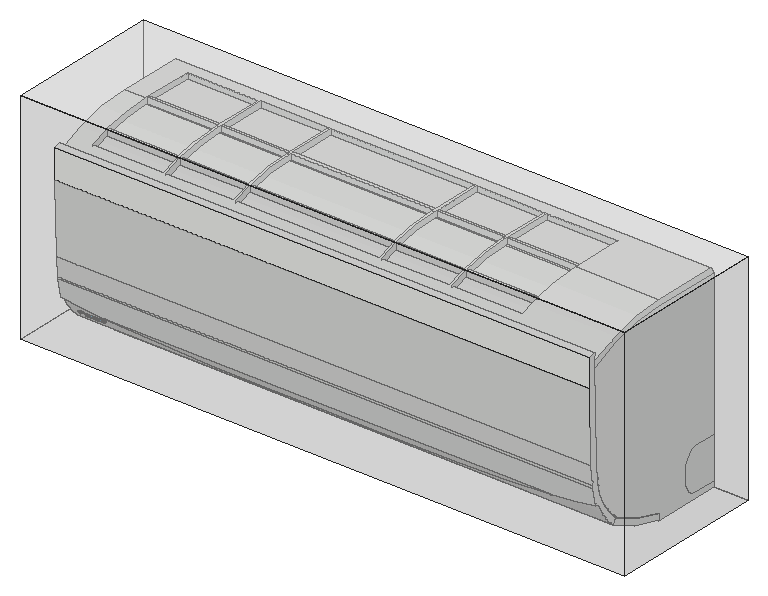
Revit family "outputfile", category 機械設備, Revit 2024
Family settings
  丸型コネクタ寸法 = 半径を使用
  パーツ タイプ = 標準
  OmniClass 番号 = 23.75.10.24.21.27.27
  OmniClass タイトル = Split System Air Conditioning Units
  作業面ベース = いいえ
  常に垂直 = はい
  ロード時にボイドで切り取り = いいえ
  注釈の向きを維持 = いいえ
  共有 = いいえ
  部屋計算ポイント = いいえ
Parameters (values of type "CTKC25RVM")
  Description = ""
  書き出し IFC クラス(タイプ) = "IfcUnitaryEquipmentType"
  定義済み IFC タイプ(タイプ) = "AIRCONDITIONINGUNIT"
  Cost = 0
  Type Comments = ""
  Keynote = ""
  Type Image = (empty or 0)
  Assembly Code = ""
  w_wall hole = if(Width = 770.0 mm, 48.0 mm, 60.0 mm)  # 48.0 mm
  製造元 = "Daikin"
  モデル = "CTKC25RVM"
  switch_frequency = yes
  r_Liquid Pipe Size = Liquid Pipe Size / 2  # 3.2 mm
  r_Gas Pipe Size = Gas Pipe Size / 2  # 4.75 mm
  r_Drain Pipe Size = Drain Pipe Size / 2  # 8.0 mm
  lw_powersupply [instance] = if(Width = 770.0 mm, if(or(Rear Right Connection_refrigerant, Bottom Right Connection_refrigerant), 25.0 mm, if(or(Rear Left Connection_refrigerant, Bottom Left Connection_refrigerant), 745.0 mm, 400.0 mm)), if(Width = 990.0 mm, if(or(Rear Right Connection_refrigerant, Bottom Right Connection_refrigerant), 40.0 mm, if(or(Rear Left Connection_refrigerant, Bottom Left Connection_refrigerant), 920.0 mm, 400.0 mm)), if(or(Rear Right Connection_refrigerant, Bottom Right Connection_refrigerant), 40.0 mm, if(or(Rear Left Connection_refrigerant, Bottom Left Connection_refrigerant), 920.0 mm, 400.0 mm))))  # 400.0 mm
  lw_liquidpipe [instance] = if(Width = 770.0 mm, if(or(Rear Right Connection_refrigerant, Bottom Right Connection_refrigerant), 0.0 mm, if(or(Rear Left Connection_refrigerant, Bottom Left Connection_refrigerant), 664.0 mm, 385.0 mm)), if(Width = 990.0 mm, if(or(Rear Right Connection_refrigerant, Bottom Right Connection_refrigerant), 0.0 mm, if(or(Rear Left Connection_refrigerant, Bottom Left Connection_refrigerant), 664.0 mm + (990.0 mm - 770.0 mm), 475.0 mm)), if(or(Rear Right Connection_refrigerant, Bottom Right Connection_refrigerant), 0.0 mm, if(or(Rear Left Connection_refrigerant, Bottom Left Connection_refrigerant), 664.0 mm + (990.0 mm - 770.0 mm), 475.0 mm))))  # 385.0 mm
  lw_gaspipe [instance] = if(Width = 770.0 mm, if(or(Rear Right Connection_refrigerant, Bottom Right Connection_refrigerant), 0.0 mm, if(or(Rear Left Connection_refrigerant, Bottom Left Connection_refrigerant), 675.0 mm, if(Gas Pipe Size = 12.7 mm, 345.0 mm, 335.0 mm))), if(Width = 990.0 mm, if(or(Rear Right Connection_refrigerant, Bottom Right Connection_refrigerant), 10.0 mm, if(or(Rear Left Connection_refrigerant, Bottom Left Connection_refrigerant), 890.0 mm, if(Gas Pipe Size = 15.9 mm, 410.0 mm, 400.0 mm))), if(or(Rear Right Connection_refrigerant, Bottom Right Connection_refrigerant), 10.0 mm, if(or(Rear Left Connection_refrigerant, Bottom Left Connection_refrigerant), 890.0 mm, if(Gas Pipe Size = 15.9 mm, 410.0 mm, 400.0 mm)))))  # 335.0 mm
  lw_drainpipe [instance] = if(Width = 770.0 mm, if(or(Rear Right Connection_refrigerant, Bottom Right Connection_refrigerant), 0.0 mm, if(or(Rear Left Connection_refrigerant, Bottom Left Connection_refrigerant), 770.0 mm - 48.0 mm - 48.0 mm, 440.0 mm)), if(Width = 990.0 mm, if(or(Rear Right Connection_refrigerant, Bottom Right Connection_refrigerant), 0.0 mm, if(or(Rear Left Connection_refrigerant, Bottom Left Connection_refrigerant), 675.0 mm + (990.0 mm - 770.0 mm), 435.0 mm)), if(or(Rear Right Connection_refrigerant, Bottom Right Connection_refrigerant), 0.0 mm, if(or(Rear Left Connection_refrigerant, Bottom Left Connection_refrigerant), 675.0 mm + (990.0 mm - 770.0 mm), 435.0 mm))))  # 440.0 mm
  l_powersupply_length [instance] = if(Width = 770.0 mm, if(Right Connection_refrigerant, 400.0 mm, if(Left Connection_refrigerant, 770.0 mm - 400.0 mm, if(or(Rear Left Connection_refrigerant, Rear Right Connection_refrigerant), 15.0 mm, 50.0 mm))), if(Width = 990.0 mm, if(Right Connection_refrigerant, 400.0 mm, if(Left Connection_refrigerant, 990.0 mm - 400.0 mm, if(or(Rear Left Connection_refrigerant, Rear Right Connection_refrigerant), 15.0 mm, 50.0 mm))), if(Right Connection_refrigerant, 400.0 mm, if(Left Connection_refrigerant, 990.0 mm - 400.0 mm, if(or(Rear Left Connection_refrigerant, Rear Right Connection_refrigerant), 15.0 mm, 50.0 mm)))))  # 400.0 mm
  l_liquidpipe_length [instance] = if(Width = 770.0 mm, if(Right Connection_refrigerant, 433.0 mm, if(Left Connection_refrigerant, 337.0 mm, if(or(Rear Left Connection_refrigerant, Rear Right Connection_refrigerant), 30.0 mm, 40.0 mm))), if(Width = 990.0 mm, if(Right Connection_refrigerant, 535.0 mm, if(Left Connection_refrigerant, 455.0 mm, if(or(Rear Left Connection_refrigerant, Rear Right Connection_refrigerant), 30.0 mm, 40.0 mm))), if(Right Connection_refrigerant, 535.0 mm, if(Left Connection_refrigerant, 455.0 mm, if(or(Rear Left Connection_refrigerant, Rear Right Connection_refrigerant), 30.0 mm, 40.0 mm)))))  # 433.0 mm
  l_gaspipe_length [instance] = if(Width = 770.0 mm, if(Right Connection_refrigerant, if(Gas Pipe Size = 12.7 mm, 393.0 mm, 383.0 mm), if(Left Connection_refrigerant, if(Gas Pipe Size = 12.7 mm, 770.0 mm - 393.0 mm, 770.0 mm - 383.0 mm), if(or(Rear Left Connection_refrigerant, Rear Right Connection_refrigerant), 40.0 mm, 50.0 mm))), if(Width = 990.0 mm, if(Right Connection_refrigerant, if(Gas Pipe Size = 15.9 mm, 470.0 mm, 460.0 mm), if(Left Connection_refrigerant, if(Gas Pipe Size = 15.9 mm, 990.0 mm - 470.0 mm, 990.0 mm - 460.0 mm), if(or(Rear Left Connection_refrigerant, Rear Right Connection_refrigerant), 40.0 mm, 50.0 mm))), if(Right Connection_refrigerant, if(Gas Pipe Size = 15.9 mm, 470.0 mm, 460.0 mm), if(Left Connection_refrigerant, if(Gas Pipe Size = 15.9 mm, 990.0 mm - 470.0 mm, 990.0 mm - 460.0 mm), if(or(Rear Left Connection_refrigerant, Rear Right Connection_refrigerant), 40.0 mm, 50.0 mm)))))  # 383.0 mm
  l_drainpipe_length [instance] = if(Width = 770.0 mm, if(Right Connection_refrigerant, 488.0 mm, if(Left Connection_refrigerant, 282.0 mm, if(or(Rear Left Connection_refrigerant, Rear Right Connection_refrigerant), 15.0 mm, 20.0 mm))), if(Width = 990.0 mm, if(Right Connection_refrigerant, 495.0 mm, if(Left Connection_refrigerant, 495.0 mm, if(or(Rear Left Connection_refrigerant, Rear Right Connection_refrigerant), 15.0 mm, 20.0 mm))), if(Right Connection_refrigerant, 495.0 mm, if(Left Connection_refrigerant, 495.0 mm, if(or(Rear Left Connection_refrigerant, Rear Right Connection_refrigerant), 15.0 mm, 20.0 mm)))))  # 488.0 mm
  h*** = 0.0 mm  # constant formula
  connector_voltage = Voltage_50Hz  # 230 V
  connector_powerinput = [Power Input (Cooling)]  # 0.000 kW
  connector_phase = Phase_50Hz  # 1
  angle_vertical [instance] = if(or(Bottom Left Connection_refrigerant, Bottom Right Connection_refrigerant), 0.00°, 90.00°)  # 90.00°
  angle_horizontal [instance] = if(Right Connection_refrigerant, 90.00°, if(Left Connection_refrigerant, -90.00°, if(or(Rear Left Connection_refrigerant, Rear Right Connection_refrigerant), 180.00°, 0.00°)))  # 90.00°
  Width = 770.0 mm
  Voltage_comment_50Hz = "220 - 240"
  Voltage_50Hz = 230 V
  Version = "ver.1.0"
  Unit Type = "Wall Mounted"
  Unit Mass Weight = 9.00 kg
  Unit Designation [instance] = ""
  Uniclass2015Version = "Products v1.30"
  Uniclass2015Title = "Split coil room air conditioning units"
  Uniclass2015Code = "Pr_70_65_03_86"
  URL = ""
  Total Cooling Capacity [instance] = 0.000 kW
  Sound Pressure Level_M speed (dBA) = 0
  Sound Pressure Level_L speed (dBA) = 22
  Sound Pressure Level_H speed (dBA) = 38
  Sound Power Level_H speed (dB) = 0
  Series = "Multi Split_Fan Coil Unit"
  Sensible Cooling Capacity [instance] = 0.000 kW
  Refrigerant Type = "R32"
  Power Input (Cooling) = 0.000 kW
  Phase_50Hz = 1
  Option Accessory 3 [instance] = ""
  Option Accessory 2 [instance] = ""
  Option Accessory 1 [instance] = ""
  Nominal Cooling Capacity = 2.500 kW
  Minimum Circuit Amps_50Hz = 0.0 A
  Minimum Airflow = 396.00 m³/h
  Median Airflow = 540.00 m³/h
  Maximum Fuse Amps_50Hz = 0.0 A
  Maximum Airflow = 660.00 m³/h
  Material_Casing = DAIKIN_White_Casing_indoorunit
  Load Classification = HVAC
  Liquid Pipe Size = 6.4 mm
  Link_Nested Family [instance] = ""
  IfcVersion = ""
  IfcExportType = "AIRCONDITIONINGUNIT"
  IfcExportAs = "IfcUnitaryEquipmentType"
  Height = 285.0 mm
  Heat Exchanger Type = "Cross Fin Coil"
  Gas Pipe Size = 9.5 mm
  Frequency_50Hz = 50 Hz
  Fan Type = "Cross Flow Fan"
  Fan Drive = "Direct Drive"
  FCU Tag No. [instance] = ""
  Drain Pipe Size = 16.0 mm
  Design Supply Airflow [instance] = 0.00 m³/h
  Depth = 223.0 mm
  既定の高さ = 0.0 mm
  Cooling Entering Wet Bulb Temperature [instance] = 0.00 °C
  Cooling Entering Dry Bulb Temperature [instance] = 0.00 °C
  Cooling Ambient Wet Bulb Temperature [instance] = 0.00 °C
  Cooling Ambient Dry Bulb Temperature [instance] = 0.00 °C
  Clearance visibility [instance] = yes
  Clearance Top = 30.0 mm
  Clearance Right = 50.0 mm
  Clearance Rear = 0.0 mm
  Clearance Left = 50.0 mm
  Clearance Front = 0.0 mm
  Clearance Bottom = 0.0 mm
  Bottom Right Connection_refrigerant [instance] = no
  Bottom Left Connection_refrigerant [instance] = no
  Rear Right Connection_refrigerant [instance] = no
  Rear Left Connection_refrigerant [instance] = no
  Right Connection_refrigerant [instance] = yes
  Left Connection_refrigerant [instance] = no
Reference planes
  plane 1 "Back": y = 0
  plane 2: z = 0
  plane 3 "Center (Left/Right)": x = 0
  plane 4 "Center (Front/Back)": y = -111.5
  plane 5 "Front": y = -223
  plane 6 "Left": x = -385
  plane 7 "Right": x = 385
  plane 8 "Top": z = 0
  plane 9 "Bottom": z = -285
  plane 10: x = -435
  plane 11: x = 435
  plane 12: y = 0
  plane 13: y = -223
  plane 14: z = 30
  plane 15: z = -285
  plane 16 "lw_Piping and Wiring intake": x = 337
  plane 17 "lw_gaspipe": x = 2
  plane 18 "lw_liquidpipe": x = -48
  plane 19 "lw_drainpipe": x = -103
  plane 20 "lh_drainpipe": z = -265
  plane 21 "lh_liquidpipe": z = -245
  plane 22 "lh_gaspipe": z = -235
  plane 23 "ld_drainpipe": y = -15
  plane 24 "ld_liquidpipe": y = -30
  plane 25 "ld_gaspipe": y = -40
  plane 26 "lw_powersupply": x = -15
Dimensions and locks
  equal spacing: plane 6 "Left", plane 3 "Center (Left/Right)", plane 7 "Right"
  "Width": plane 6 "Left" to plane 7 "Right"
  equal spacing: plane 5 "Front", plane 4 "Center (Front/Back)", plane 1 "Back"
  "Depth": plane 5 "Front" to plane 1 "Back"
  "Height": plane 8 "Top" to plane 9 "Bottom"
  "Clearance Rear": plane 12 to plane 1 "Back"
  "Clearance Front": plane 13 to plane 5 "Front"
  "Clearance Top": plane 14 to plane 8 "Top"
  "Clearance Bottom": plane 9 "Bottom" to plane 15
  "w_wall hole": plane 16 "lw_Piping and Wiring intake" to plane 7 "Right"
  "lw_gaspipe": plane 17 "lw_gaspipe" to plane 16 "lw_Piping and Wiring intake"
  "lw_liquidpipe": plane 18 "lw_liquidpipe" to plane 16 "lw_Piping and Wiring intake"
  "lw_drainpipe": plane 19 "lw_drainpipe" to plane 16 "lw_Piping and Wiring intake"
  locked: plane 20 "lh_drainpipe" to plane 9 "Bottom" at 20
  locked: plane 21 "lh_liquidpipe" to plane 9 "Bottom" at 40
  locked: plane 22 "lh_gaspipe" to plane 9 "Bottom" at 50
  locked: plane 23 "ld_drainpipe" to plane 1 "Back" at 15
  locked: plane 1 "Back" to plane 24 "ld_liquidpipe" at 30
  locked: plane 1 "Back" to plane 25 "ld_gaspipe" at 40
  "lw_powersupply": plane 26 "lw_powersupply" to plane 7 "Right"
  "Clearance Right": plane 7 "Right" to plane 11
  "Clearance Left": plane 10 to plane 6 "Left"
  aligned and locked: level to plane 2
  aligned and locked: plane 12 to nested 1
  aligned and locked: nested 1 to plane 13
  aligned and locked: plane 10 to nested 1
  aligned and locked: plane 11 to nested 1
  aligned and locked: plane 15 to nested 1
  aligned and locked: plane 14 to nested 1
  aligned and locked: plane 17 "lw_gaspipe" to nested 2
  aligned and locked: nested 2 to plane 25 "ld_gaspipe"
  aligned and locked: plane 18 "lw_liquidpipe" to nested 3
  aligned and locked: nested 3 to plane 24 "ld_liquidpipe"
  aligned and locked: plane 19 "lw_drainpipe" to nested 4
  aligned and locked: nested 4 to plane 23 "ld_drainpipe"
  aligned and locked: nested 5 to plane 23 "ld_drainpipe"
  aligned and locked: plane 26 "lw_powersupply" to nested 5
  aligned and locked: level to plane 8 "Top"
  aligned and locked: plane 3 "Center (Left/Right)" to nested 6
  aligned and locked: plane 1 "Back" to nested 6
  aligned and locked: plane 8 "Top" to nested 6
Nested families
  nested 1: "daikin_clearancespace" at (0, -111.5, -127.381), show <- "Clearance visibility", visible <- "Clearance visibility", Link_Nested Family <- "Link_Nested Family", type "daikin_clearancespace"
    with width 870.0 mm, show yes, height 315.0 mm, depth 223.0 mm, Link_Nested Family ""
  nested 2: "daikin_connector_rotate3" at (2, -40, -235), angle_vertical <- "angle_vertical", angle_horizontal <- "angle_horizontal", length <- "l_gaspipe_length", radius <- "r_Gas Pipe Size", type "daikin_connector_rotate3"
    with show no, radius 4.75 mm, length 383.0 mm, angle_vertical 90.00°, angle_horizontal 90.00°
  nested 3: "daikin_connector_rotate3" at (-48, -30, -245), angle_vertical <- "angle_vertical", angle_horizontal <- "angle_horizontal", radius <- "r_Liquid Pipe Size", length <- "l_liquidpipe_length", type "daikin_connector_rotate3"
    with show no, radius 3.2 mm, length 433.0 mm, angle_vertical 90.00°, angle_horizontal 90.00°
  nested 4: "daikin_connector_rotate3" at (-103, -15, -265), angle_vertical <- "angle_vertical", angle_horizontal <- "angle_horizontal", length <- "l_drainpipe_length", radius <- "r_Drain Pipe Size", type "daikin_connector_rotate3"
    with show no, radius 8.0 mm, length 488.0 mm, angle_vertical 90.00°, angle_horizontal 90.00°
  nested 5: "daikin_connector_rotate3" at (-15, -15, -235), angle_vertical <- "angle_vertical", angle_horizontal <- "angle_horizontal", length <- "l_powersupply_length", type "daikin_connector_rotate3"
    with show no, radius 10.0 mm, length 400.0 mm, angle_vertical 90.00°, angle_horizontal 90.00°
  nested 6: "DAIKIN_indoorunit_CTKC-RVM" at (-31, 0, 0), type "CTKC-RVM"
Connectors
  piping at (385, -40, -235), diameter 9.5, driven by "r_Gas Pipe Size"
    settings: on nested 2, index 1, connector inside diameter 609.6 mm, connector length 0.0 mm, flow factor 0, pipe flow 0.00 m³/h, pressure drop 0.0 Pa, fitting loss kfactor 0, connector angle 0.00°, fixture units 0, engagement length 0.0 mm, angle of deflection 0.00°, flow configuration 1, flow direction 2, fitting loss method 0, system type 29, joint type 0, gender type 0, connector reference index -1, connector utility 0, adjustable connector no, is connector primary yes, connector description "Refrigerant Gas Piping"
  piping at (385, -30, -245), diameter 6.4, driven by "r_Liquid Pipe Size"
    settings: on nested 3, index 2, connector inside diameter 609.6 mm, connector length 0.0 mm, flow factor 0, pipe flow 0.00 m³/h, pressure drop 0.0 Pa, fitting loss kfactor 0, connector angle 0.00°, fixture units 0, engagement length 0.0 mm, angle of deflection 0.00°, flow configuration 1, flow direction 1, fitting loss method 0, system type 29, joint type 0, gender type 0, connector reference index -1, connector utility 0, adjustable connector no, is connector primary no, connector description "Refrigerant Liquid Piping"
  piping at (385, -15, -265), diameter 16, driven by "r_Drain Pipe Size"
    settings: on nested 4, index 3, connector inside diameter 609.6 mm, connector length 0.0 mm, flow factor 0, pipe flow 0.00 m³/h, pressure drop 0.0 Pa, fitting loss kfactor 0, connector angle 0.00°, fixture units 0, engagement length 0.0 mm, angle of deflection 0.00°, flow configuration 1, flow direction 2, fitting loss method 4, system type 16, joint type 0, gender type 0, connector reference index -1, connector utility 0, adjustable connector no, is connector primary no, connector description "Condensate Drain Piping"
  electrical at (385, -15, -235), driven by "Load Classification", driven by "connector_powerinput", driven by "connector_phase", driven by "connector_voltage"
    settings: on nested 5, index 4, voltage 230 V, apparent load 0 VA, apparent load phase1 0 VA, apparent load phase2 0 VA, apparent load phase3 0 VA, power factor 1, load classification "HVAC", number of poles 1, system type 30, power factor state 1, is connector primary yes, connector utility no, sub classification motor no, connector description "Power Supply"
Definition of nested family "daikin_clearancespace"
  Parameters (values of type "daikin_clearancespace")
    Description = "daikin_clearancespace"
    width [instance] = 1823.963 mm
    show [instance] = yes
    material = none
    height [instance] = 1359.762 mm
    depth [instance] = 880.0 mm
    Default Elevation = 0.0 mm
    Link_Nested Family [instance] = ""
  Reference planes
    plane 1 "Center (Front/Back)": y = 0
    plane 2 "Center (Elevation)": z = -0.119
    plane 3 "Center (Left/Right)": x = 0
    plane 4: y = 440
    plane 5: y = -440
    plane 6 "Right": x = 911.982
    plane 7 "Left": x = -911.982
    plane 8 "Top": z = 679.762
    plane 9 "Bottom": z = -680
  Forms (mm)
    Extrusion 1, solid, material <- "material", visible <- "show"
      sketch origin (0, 0, 0) x (1, 0, 0) y (0, 1, 0)
        loop
          line (-911.982, 440) -> (-911.982, -440) -> (911.982, -440) -> (911.982, 440) -> (-911.982, 440)
      from -680 to 679.762
  Lines and regions (mm)
    symbolic lines, visible <- "show"
      curve 1: line (911.982, 440, 0) -> (-911.982, 440, 0)
      curve 2: line (-911.982, 440, 0) -> (-911.982, -440, 0)
      curve 3: line (-911.982, -440, 0) -> (911.982, -440, 0)
      curve 4: line (911.982, -440, 0) -> (911.982, 440, 0)
      curve 5: line (911.982, 0, 679.762) -> (-911.982, 0, 679.762)
      curve 6: line (911.982, 0, -680) -> (911.982, 0, 679.762)
      curve 7: line (-911.982, 0, -680) -> (911.982, 0, -680)
      curve 8: line (-911.982, 0, 679.762) -> (-911.982, 0, -680)
      curve 9: line (0, 440, 679.762) -> (0, -440, 679.762)
      curve 10: line (0, -440, 679.762) -> (0, -440, -680)
      curve 11: line (0, 440, -680) -> (0, 440, 679.762)
      curve 12: line (0, -440, -680) -> (0, 440, -680)
  Dimensions and locks
    "width": plane 7 "Left" to plane 6 "Right"
    "depth": plane 4 to plane 5
    "height": plane 8 "Top" to plane 9 "Bottom"
    equal spacing: plane 7 "Left", plane 3 "Center (Left/Right)", plane 6 "Right"
    equal spacing: plane 4, plane 1 "Center (Front/Back)", plane 5
    equal spacing: plane 8 "Top", plane 2 "Center (Elevation)", plane 9 "Bottom"
    aligned and locked: level to plane 2 "Center (Elevation)"
    aligned and locked: Extrusion 1 sketch curve to plane 4
    aligned and locked: plane 7 "Left" to Extrusion 1 sketch curve
    aligned and locked: Extrusion 1 sketch curve to plane 5
    aligned and locked: Extrusion 1 sketch curve to plane 6 "Right"
    aligned and locked: plane 8 "Top" to Extrusion 1
    aligned and locked: curve 1 to Extrusion 1
    aligned and locked: curve 2 to Extrusion 1
    aligned and locked: curve 3 to Extrusion 1
    aligned and locked: curve 4 to Extrusion 1
    aligned and locked: curve 5 to Extrusion 1
    aligned and locked: curve 6 to Extrusion 1
    aligned and locked: curve 7 to Extrusion 1
    aligned and locked: curve 8 to Extrusion 1
    aligned and locked: curve 9 to Extrusion 1
    aligned and locked: curve 10 to Extrusion 1
    aligned and locked: curve 11 to Extrusion 1
    aligned and locked: curve 12 to Extrusion 1
    aligned and locked: Extrusion 1 to plane 9 "Bottom"
Definition of nested family "DAIKIN_indoorunit_CTKC-RVM"
  Parameters (values of type "FTKM-QVMA")
    Material_Casing = none
    Default Elevation = 0.0 mm
  Reference planes
    plane 1 "Center (Front/Back)": y = 0
    plane 2 "reference_level": z = 0
    plane 3 "Center (Left/Right)": x = 31
    plane 4: x = -354
    plane 5: x = 416
    plane 6: z = -285
  Forms (mm)
    Extrusion 1, solid, material <- "Material_Casing"
      sketch origin (29, 0, 0) x (0, 1, 0) y (0, 0, 1)
        loop
          line (-5, 0) -> (-98, 0)
          arc (-98, 0) -> (-157.611, -7.211) -> (-213.783, -28.427) r 250
          arc (-213.783, -28.427) -> (-213.842, -32.972) -> (-213.892, -37.516) r 2191
          arc (-213.892, -37.516) -> (-157.832, -15.495) -> (-98.07, -8) r 242
          line (-98.07, -8) -> (0, -8) -> (-5, 0)
      from -383 to 387
    Extrusion 2, solid, material <- "Material_Casing"
      sketch origin (416, 1296.25, 1200) x (0, 1, 0) y (0, 0, 1)
        loop
          line (-1472.998, -1446.91) -> (-1476.998, -1453.839)
          arc (-1476.998, -1453.839) -> (-1437.481, -1472.422) -> (-1395.25, -1483.538) r 240
          line (-1395.25, -1483.538) -> (-1395.25, -1475.422)
          arc (-1395.25, -1475.422) -> (-1435.407, -1464.663) -> (-1472.998, -1446.91) r 232
      from 0 to -47.5
    Extrusion 3, solid, material <- "Material_Casing"
      sketch origin (29, 0, 0) x (0, 1, 0) y (0, 0, 1)
        loop
          arc (-223, -60.455) -> (-222.414, -110.646) -> (-220.656, -160.81) r 2149.92
          arc (-220.656, -160.81) -> (-219.65, -174.299) -> (-217.853, -187.706) r 229.911
          arc (-217.853, -187.706) -> (-205.371, -223.594) -> (-181.517, -253.17) r 111
          line (-181.517, -253.17) -> (-177.429, -246.093)
          arc (-177.429, -246.093) -> (-198.77, -218.989) -> (-209.965, -186.36) r 103
          arc (-209.965, -186.36) -> (-211.681, -173.586) -> (-212.651, -160.735) r 221.844
          arc (-212.651, -160.735) -> (-214.739, -93.233) -> (-214.74, -25.699) r 2186.828
          arc (-214.74, -25.699) -> (-214.671, -21.467) -> (-214.594, -17.235) r 2192
          line (-214.594, -17.235) -> (-223, -19.961) -> (-223, -60.455)
      from -383 to 387
    Extrusion 4, solid, material <- "Material_Casing"
      sketch origin (29, 0, 0) x (0, 1, 0) y (0, 0, 1)
        loop
          line (-181.517, -253.17) -> (-179.597, -249.846)
          arc (-179.597, -249.846) -> (-202.009, -221.399) -> (-213.189, -186.952) r 103
          line (-213.189, -186.952) -> (-217.853, -187.706)
          arc (-217.853, -187.706) -> (-217.533, -189.556) -> (-217.182, -191.4) r 111
          arc (-217.182, -191.4) -> (-213.806, -208.181) -> (-210.362, -224.948) r 4257.809
          arc (-210.362, -224.948) -> (-198.886, -237.857) -> (-186.225, -249.607) r 180
          line (-186.225, -249.607) -> (-181.517, -253.17)
      from -383 to 387
    Extrusion 5, solid, material <- "Material_Casing"
      sketch origin (29, 0, -20) x (0, 1, 0) y (0, 0, 1)
        loop
          line (0, -265) -> (0, 12) -> (-98.07, 12)
          arc (-98.07, 12) -> (-157.832, 4.505) -> (-213.892, -17.516) r 242
          arc (-213.892, -17.516) -> (-213.638, -79.114) -> (-211.653, -140.681) r 2191
          arc (-211.653, -140.681) -> (-210.685, -153.501) -> (-208.973, -166.243) r 221
          arc (-208.973, -166.243) -> (-197.471, -199.282) -> (-175.482, -226.491) r 102
          arc (-175.482, -226.491) -> (-138.004, -244.019) -> (-98, -254.579) r 231
          line (-98, -254.579) -> (-98, -265) -> (0, -265)
      from -383 to 387
    Extrusion 6, solid, material <- "Material_Casing"
      sketch origin (-354, 1296.25, 1200) x (0, 1, 0) y (0, 0, 1)
        loop
          line (-1472.998, -1446.91) -> (-1476.998, -1453.839)
          arc (-1476.998, -1453.839) -> (-1437.481, -1472.422) -> (-1395.25, -1483.538) r 240
          line (-1395.25, -1483.538) -> (-1395.25, -1475.422)
          arc (-1395.25, -1475.422) -> (-1435.407, -1464.663) -> (-1472.998, -1446.91) r 232
      from 47 to 0
    Extrusion 7, solid, material <- "Material_Casing"
      sketch origin (416, 1296.25, 1200) x (0, 1, 0) y (0, 0, 1)
        loop
          line (-1472.998, -1446.91) -> (-1476.998, -1453.839)
          arc (-1476.998, -1453.839) -> (-1443.437, -1470.168) -> (-1407.75, -1481.097) r 240
          line (-1407.75, -1481.097) -> (-1407.75, -1472.894)
          arc (-1407.75, -1472.894) -> (-1441.363, -1462.385) -> (-1472.998, -1446.91) r 232
      from -116.993 to -48.493
    Extrusion 8, solid, material <- "Material_Casing"
      sketch origin (416, 1296.25, 1200) x (0, 1, 0) y (0, 0, 1)
        loop
          line (-1472.998, -1446.91) -> (-1476.998, -1453.839)
          arc (-1476.998, -1453.839) -> (-1443.437, -1470.168) -> (-1407.75, -1481.097) r 240
          line (-1407.75, -1481.097) -> (-1407.75, -1472.894)
          arc (-1407.75, -1472.894) -> (-1441.363, -1462.385) -> (-1472.998, -1446.91) r 232
      from -717 to -121.993
    Extrusion 9, void
      sketch origin (31, 0, -235) x (1, 0, 0) y (0, 1, 0)
        loop
          line (-252.674, -22.316) -> (-354.941, -22.316) -> (-354.941, -91.341) -> (-252.674, -91.341) -> (-252.674, -22.316)
        loop
          line (-249.341, -91.341) -> (-151.574, -91.341) -> (-151.574, -22.316) -> (-249.341, -22.316) -> (-249.341, -91.341)
        loop
          line (58.309, -22.316) -> (-148.309, -22.316) -> (-148.309, -91.341) -> (58.309, -91.341) -> (58.309, -22.316)
        loop
          line (61.689, -22.316) -> (61.689, -91.341) -> (159.457, -91.341) -> (159.457, -22.316) -> (61.689, -22.316)
        loop
          line (162.789, -22.316) -> (162.789, -91.341) -> (265.057, -91.341) -> (265.057, -22.316) -> (162.789, -22.316)
        loop
          line (-354.941, -94.659) -> (-354.941, -165.259) -> (-252.674, -165.259) -> (-252.674, -94.659) -> (-354.941, -94.659)
        loop
          line (-249.341, -94.659) -> (-249.341, -165.259) -> (-151.574, -165.259) -> (-151.574, -94.659) -> (-249.341, -94.659)
        loop
          line (-148.309, -94.659) -> (-148.309, -165.259) -> (58.309, -165.259) -> (58.309, -94.659) -> (-148.309, -94.659)
        loop
          line (61.689, -94.659) -> (61.689, -165.259) -> (159.457, -165.259) -> (159.457, -94.659) -> (61.689, -94.659)
        loop
          line (162.789, -94.659) -> (162.789, -165.259) -> (265.057, -165.259) -> (265.057, -94.659) -> (162.789, -94.659)
        loop
          line (-354.941, -167.382) -> (-354.941, -192.681) -> (-252.674, -192.681) -> (-252.674, -167.382) -> (-354.941, -167.382)
        loop
          line (-249.341, -167.382) -> (-249.341, -192.681) -> (-151.574, -192.681) -> (-151.574, -167.382) -> (-249.341, -167.382)
        loop
          line (-148.309, -167.382) -> (-148.309, -192.681) -> (58.309, -192.681) -> (58.309, -167.382) -> (-148.309, -167.382)
        loop
          line (159.457, -167.382) -> (61.689, -167.382) -> (61.689, -192.681) -> (159.457, -192.681) -> (159.457, -167.382)
        loop
          line (265.057, -167.382) -> (162.789, -167.382) -> (162.789, -192.681) -> (265.057, -192.681) -> (265.057, -167.382)
      from 201.638 to 250
    Extrusion 10, void
      sketch origin (31, 0, 0) x (1, 0, 0) y (0, 0, 1)
        loop
          arc (597, -174.907) -> (0.056, -245.263) -> (-597, -175.856) r 2585.042
          line (-597, -175.856) -> (-597, -352.872) -> (597, -352.872) -> (597, -174.907)
      from 173 to 315.3
    Extrusion 11, solid, material <- "Material_Casing"
      sketch origin (31, 0, 0) x (1, 0, 0) y (0, 0, 1)
        loop
          circle (337, -240.5) r 32.5
        loop
          circle (-337, -240.5) r 32.5
      from 0 to 5
    Extrusion 12, solid, material <- "Material_Casing"
      sketch origin (416, 1296.25, 1200) x (0, -1, 0) y (0, 0, 1)
        loop
          line (1326.25, -1417) -> (1296.25, -1417) -> (1296.25, -1477) -> (1326.25, -1477)
          arc (1326.25, -1477) -> (1340.393, -1471.142) -> (1346.25, -1457) r 20
          line (1346.25, -1457) -> (1346.25, -1437)
          arc (1346.25, -1437) -> (1340.393, -1422.858) -> (1326.25, -1417) r 20
      from 0 to 5
    Extrusion 13, solid, material <- "Material_Casing"
      sketch origin (-354, 1296.25, 1200) x (0, 1, 0) y (0, 0, 1)
        loop
          line (-1296.25, -1417) -> (-1326.25, -1417)
          arc (-1326.25, -1417) -> (-1340.393, -1422.858) -> (-1346.25, -1437) r 20
          line (-1346.25, -1437) -> (-1346.25, -1457)
          arc (-1346.25, -1457) -> (-1340.393, -1471.142) -> (-1326.25, -1477) r 20
          line (-1326.25, -1477) -> (-1296.25, -1477) -> (-1296.25, -1417)
      from 0 to 5
    Extrusion 14, solid, material <- "Material_Casing"
      sketch origin (31, 0, -285) x (-1, 0, 0) y (0, -1, 0)
        loop
          line (-314, 0) -> (-314, 30)
          arc (-314, 30) -> (-319.858, 44.142) -> (-334, 50) r 20
          line (-334, 50) -> (-354, 50)
          arc (-354, 50) -> (-368.142, 44.142) -> (-374, 30) r 20
          line (-374, 30) -> (-374, 0) -> (-314, 0)
        loop
          line (374, 0) -> (374, 30)
          arc (374, 30) -> (368.142, 44.142) -> (354, 50) r 20
          line (354, 50) -> (334, 50)
          arc (334, 50) -> (319.858, 44.142) -> (314, 30) r 20
          line (314, 30) -> (314, 0) -> (374, 0)
      from 0 to 5
  Cuts and joins
    Extrusion 9 cuts Extrusion 1
    Extrusion 10 cuts Extrusion 4
    joined: Extrusion 3, Extrusion 4
  Lines and regions (mm)
    reference lines
      curve 1: line (-523, -201.911, -229.404) -> (-523, -193.542, -239.977)
  Dimensions and locks
    locked: Extrusion 10 sketch curve to Extrusion 10 sketch curve at 1194
    Extrusion 10 sketch curve to Extrusion 10 sketch curve = 1194.0 mm
    locked: Extrusion 12 sketch curve to Extrusion 12 sketch curve at 60
    locked: Extrusion 12 sketch curve to Extrusion 12 sketch curve at 50
    locked: Extrusion 14 sketch curve to Extrusion 14 sketch curve at 60  (x2)
    locked: Extrusion 14 sketch curve to Extrusion 14 sketch curve at 50
    equal spacing: plane 5, plane 3 "Center (Left/Right)", plane 4
    plane 5 to plane 4 = 770.0 mm
    locked: Extrusion 11 sketch curve to plane 4 at 48
    plane 5 to Extrusion 11 sketch curve = 48.0 mm
    plane 2 "reference_level" to plane 6 = 285.0 mm
    locked: Extrusion 11 sketch curve to plane 6 at 44.5  (x2)
    locked: cut or joined group of Extrusion 3, Extrusion 4, Extrusion 10 to nested 1 at 15
    diameter of Extrusion 11 sketch curve = 65.0 mm  (x2)
    aligned and locked: level to plane 2 "reference_level"
    aligned and locked: nested 1 to curve 1
    aligned and locked: Extrusion 13 sketch curve to Extrusion 12  (x4)
    aligned and locked: Extrusion 14 sketch curve to Extrusion 14 sketch curve  (x2)
    aligned and locked: Extrusion 11 to plane 1 "Center (Front/Back)"
  Automatic sketch dimensions
    Extrusion 10 sketch curve to plane 3 "Center (Left/Right)" = 597.0 mm
    Extrusion 10 sketch curve to plane 3 "Center (Left/Right)" = 2.0 mm
    Extrusion 10 sketch curve to level = 352.872 mm
    Extrusion 10 sketch curve to level = 175.856 mm
    Extrusion 10 sketch curve to level = 174.907 mm
    curve 1 to level = 239.977 mm
    plane 1 "Center (Front/Back)" to curve 1 = 193.542 mm
    curve 1 to curve 1 = 10.573 mm
    curve 1 to curve 1 = 8.368 mm
    Extrusion 1 sketch curve to level = 0.0 mm
    Extrusion 1 sketch curve to plane 1 "Center (Front/Back)" = 0.0 mm
    plane 1 "Center (Front/Back)" to Extrusion 1 sketch curve = 5.0 mm
    plane 1 "Center (Front/Back)" to Extrusion 1 sketch curve = 98.0 mm
    Extrusion 1 sketch curve to Extrusion 1 sketch curve = 0.07 mm
    Extrusion 1 sketch curve to level = 59.292 mm
    Extrusion 1 sketch curve to plane 1 "Center (Front/Back)" = 1977.0 mm
    Extrusion 1 sketch curve to level = 250.0 mm
    Extrusion 1 sketch curve to Extrusion 1 sketch curve = 0.0 mm
    Extrusion 1 sketch curve to level = 8.0 mm
    Extrusion 1 sketch curve to level = 28.427 mm
    plane 1 "Center (Front/Back)" to Extrusion 2 sketch curve = 180.748 mm
    Extrusion 2 sketch curve to Extrusion 2 sketch curve = 4.0 mm
    Extrusion 2 sketch curve to Extrusion 2 sketch curve = 77.747 mm
    plane 1 "Center (Front/Back)" to Extrusion 2 sketch curve = 59.279 mm
    Extrusion 2 sketch curve to Extrusion 2 sketch curve = 0.0 mm
    Extrusion 2 sketch curve to level = 283.538 mm
    Extrusion 2 sketch curve to Extrusion 2 sketch curve = 8.116 mm
    Extrusion 2 sketch curve to Extrusion 2 sketch curve = 21.583 mm
    Extrusion 2 sketch curve to Extrusion 2 sketch curve = 6.929 mm
    Extrusion 3 sketch curve to level = 19.961 mm
    plane 1 "Center (Front/Back)" to Extrusion 3 sketch curve = 223.0 mm
    Extrusion 3 sketch curve to level = 17.235 mm
    Extrusion 3 sketch curve to Extrusion 3 sketch curve = 8.406 mm
    plane 1 "Center (Front/Back)" to Extrusion 3 sketch curve = 181.517 mm
    Extrusion 3 sketch curve to Extrusion 3 sketch curve = 4.087 mm
    Extrusion 3 sketch curve to Extrusion 3 sketch curve = 69.11 mm
    Extrusion 3 sketch curve to Extrusion 3 sketch curve = 0.001 mm
    Extrusion 3 sketch curve to plane 1 "Center (Front/Back)" = 8.955 mm
    Extrusion 3 sketch curve to Extrusion 3 sketch curve = 0.067 mm
    Extrusion 3 sketch curve to level = 60.455 mm
    Extrusion 3 sketch curve to Extrusion 3 sketch curve = 1917.898 mm
    Extrusion 3 sketch curve to Extrusion 3 sketch curve = 44.907 mm
    Extrusion 3 sketch curve to Extrusion 3 sketch curve = 5.172 mm
    Extrusion 3 sketch curve to level = 150.456 mm
    Extrusion 3 sketch curve to Extrusion 3 sketch curve = 0.006 mm
    Extrusion 3 sketch curve to Extrusion 3 sketch curve = 19.265 mm
    Extrusion 3 sketch curve to Extrusion 3 sketch curve = 0.004 mm
    Extrusion 3 sketch curve to Extrusion 3 sketch curve = 76.368 mm
    Extrusion 3 sketch curve to Extrusion 3 sketch curve = 7.077 mm
    Extrusion 3 sketch curve to Extrusion 3 sketch curve = 1.002 mm
    Extrusion 3 sketch curve to Extrusion 3 sketch curve = 0.046 mm
    Extrusion 3 sketch curve to Extrusion 3 sketch curve = 8.005 mm
    Extrusion 3 sketch curve to Extrusion 3 sketch curve = 0.147 mm
    Extrusion 3 sketch curve to Extrusion 3 sketch curve = 0.0 mm
    plane 1 "Center (Front/Back)" to Extrusion 4 sketch curve = 217.853 mm
    Extrusion 4 sketch curve to Extrusion 4 sketch curve = 4.664 mm
    Extrusion 4 sketch curve to Extrusion 4 sketch curve = 26.964 mm
    Extrusion 4 sketch curve to Extrusion 4 sketch curve = 4.708 mm
    Extrusion 4 sketch curve to Extrusion 4 sketch curve = 1.92 mm
    Extrusion 4 sketch curve to Extrusion 4 sketch curve = 68.441 mm
    Extrusion 4 sketch curve to Extrusion 4 sketch curve = 2.837 mm
    Extrusion 4 sketch curve to Extrusion 4 sketch curve = 38.066 mm
    level to Extrusion 4 sketch curve = 640.031 mm
    Extrusion 4 sketch curve to plane 1 "Center (Front/Back)" = 3958.661 mm
    Extrusion 4 sketch curve to level = 111.946 mm
    Extrusion 4 sketch curve to Extrusion 4 sketch curve = 57.779 mm
    Extrusion 4 sketch curve to Extrusion 4 sketch curve = 3.149 mm
    Extrusion 4 sketch curve to Extrusion 4 sketch curve = 14.078 mm
    Extrusion 4 sketch curve to Extrusion 4 sketch curve = 0.754 mm
    Extrusion 4 sketch curve to Extrusion 4 sketch curve = 0.239 mm
    Extrusion 4 sketch curve to Extrusion 4 sketch curve = 3.324 mm
    Extrusion 4 sketch curve to Extrusion 4 sketch curve = 0.0 mm
    Extrusion 5 sketch curve to plane 1 "Center (Front/Back)" = 0.0 mm
    plane 1 "Center (Front/Back)" to Extrusion 5 sketch curve = 59.278 mm
    Extrusion 5 sketch curve to Extrusion 5 sketch curve = 98.0 mm
    Extrusion 5 sketch curve to Extrusion 5 sketch curve = 0.0 mm  (x3)
    Extrusion 5 sketch curve to level = 8.0 mm
    Extrusion 5 sketch curve to Extrusion 5 sketch curve = 38.791 mm
    Extrusion 5 sketch curve to Extrusion 5 sketch curve = 10.249 mm
    Extrusion 5 sketch curve to plane 1 "Center (Front/Back)" = 9.11 mm
    Extrusion 5 sketch curve to level = 59.292 mm
    Extrusion 5 sketch curve to Extrusion 5 sketch curve = 1967.89 mm
    Extrusion 5 sketch curve to Extrusion 5 sketch curve = 142.454 mm
    Extrusion 5 sketch curve to Extrusion 5 sketch curve = 19.271 mm
    Extrusion 5 sketch curve to Extrusion 5 sketch curve = 80.275 mm
    Extrusion 5 sketch curve to Extrusion 5 sketch curve = 24.579 mm
    Extrusion 5 sketch curve to Extrusion 5 sketch curve = 10.421 mm
    Extrusion 5 sketch curve to level = 46.847 mm
    Extrusion 5 sketch curve to Extrusion 5 sketch curve = 77.412 mm
    Extrusion 5 sketch curve to Extrusion 5 sketch curve = 33.49 mm
    Extrusion 5 sketch curve to Extrusion 5 sketch curve = 2.68 mm
    plane 1 "Center (Front/Back)" to Extrusion 6 sketch curve = 180.748 mm
    Extrusion 6 sketch curve to Extrusion 6 sketch curve = 4.0 mm
    Extrusion 6 sketch curve to Extrusion 6 sketch curve = 77.747 mm
    plane 1 "Center (Front/Back)" to Extrusion 6 sketch curve = 59.279 mm
    Extrusion 6 sketch curve to Extrusion 6 sketch curve = 0.0 mm
    Extrusion 6 sketch curve to level = 283.538 mm
    Extrusion 6 sketch curve to Extrusion 6 sketch curve = 8.116 mm
    Extrusion 6 sketch curve to Extrusion 6 sketch curve = 21.583 mm
    Extrusion 6 sketch curve to Extrusion 6 sketch curve = 6.929 mm
    plane 1 "Center (Front/Back)" to Extrusion 7 sketch curve = 180.748 mm
    Extrusion 7 sketch curve to Extrusion 7 sketch curve = 4.0 mm
    Extrusion 7 sketch curve to Extrusion 7 sketch curve = 65.247 mm
    plane 1 "Center (Front/Back)" to Extrusion 7 sketch curve = 59.279 mm
    Extrusion 7 sketch curve to Extrusion 7 sketch curve = 0.0 mm
    Extrusion 7 sketch curve to level = 281.097 mm
    Extrusion 7 sketch curve to Extrusion 7 sketch curve = 8.203 mm
    Extrusion 7 sketch curve to Extrusion 7 sketch curve = 19.055 mm
    Extrusion 7 sketch curve to Extrusion 7 sketch curve = 6.929 mm
    plane 1 "Center (Front/Back)" to Extrusion 8 sketch curve = 180.748 mm
    Extrusion 8 sketch curve to Extrusion 8 sketch curve = 4.0 mm
    Extrusion 8 sketch curve to Extrusion 8 sketch curve = 65.247 mm
    plane 1 "Center (Front/Back)" to Extrusion 8 sketch curve = 59.279 mm
    Extrusion 8 sketch curve to Extrusion 8 sketch curve = 0.0 mm
    Extrusion 8 sketch curve to level = 281.097 mm
    Extrusion 8 sketch curve to Extrusion 8 sketch curve = 8.203 mm
    Extrusion 8 sketch curve to Extrusion 8 sketch curve = 19.055 mm
    Extrusion 8 sketch curve to Extrusion 8 sketch curve = 6.929 mm
    plane 1 "Center (Front/Back)" to Extrusion 9 sketch curve = 165.259 mm  (x2)
    Extrusion 9 sketch curve to plane 3 "Center (Left/Right)" = 354.941 mm
    plane 1 "Center (Front/Back)" to Extrusion 9 sketch curve = 22.316 mm  (x3)
    Extrusion 9 sketch curve to Extrusion 9 sketch curve = 0.0 mm  (x26)
    Extrusion 9 sketch curve to Extrusion 9 sketch curve = 102.268 mm  (x2)
    Extrusion 9 sketch curve to Extrusion 9 sketch curve = 3.332 mm  (x4)
    Extrusion 9 sketch curve to Extrusion 9 sketch curve = 97.768 mm  (x2)
    Extrusion 9 sketch curve to Extrusion 9 sketch curve = 3.264 mm  (x3)
    plane 3 "Center (Left/Right)" to Extrusion 9 sketch curve = 58.309 mm
    Extrusion 9 sketch curve to Extrusion 9 sketch curve = 3.38 mm  (x3)
    Extrusion 9 sketch curve to Extrusion 9 sketch curve = 2.124 mm  (x6)
    Extrusion 9 sketch curve to Extrusion 9 sketch curve = 25.299 mm  (x2)
    Extrusion 9 sketch curve to Extrusion 9 sketch curve = 70.6 mm
    Extrusion 9 sketch curve to Extrusion 9 sketch curve = 3.317 mm  (x4)
    Extrusion 12 sketch curve to plane 1 "Center (Front/Back)" = 0.0 mm
    Extrusion 12 sketch curve to Extrusion 12 sketch curve = 20.0 mm  (x2)
    Extrusion 12 sketch curve to level = 277.0 mm
    plane 1 "Center (Front/Back)" to Extrusion 14 sketch curve = 0.0 mm
    plane 3 "Center (Left/Right)" to Extrusion 14 sketch curve = 374.0 mm
    Extrusion 14 sketch curve to Extrusion 14 sketch curve = 20.0 mm  (x3)
    plane 1 "Center (Front/Back)" to Extrusion 14 sketch curve = 30.0 mm
    Extrusion 14 sketch curve to plane 3 "Center (Left/Right)" = 314.0 mm
  Nested families
    nested 1: "daikin_logo_plane_w40" at (-320, -198.871, -233.244) x (1, 0, 0) z (0, -0.7841, -0.6206), type "daikin_logo_plane_w40"
      with show_logo yes
  Definition of nested family "daikin_logo_plane_w40"
    Parameters (values of type "daikin_logo_plane_w40")
      width = 40.0 mm
      show_logo [instance] = yes
      material = none
      height = 0.0 mm
      depth = 0.0 mm
      Default Elevation = 1219.2 mm
    Reference planes
      plane 1 "Center (Front/Back)": y = 0
      plane 2: z = 0
      plane 3 "Center (Left/Right)": x = 0
      plane 4: z = 2
      plane 5 "left": x = -19
      plane 6: x = 19
    Forms (mm)
      Extrusion 1, solid, visible <- "show_logo"
        sketch origin (-19, 0, 0) x (1, 0, 0) y (0, 1, 0)
          loop
            line (8.902, -1.878) -> (7.789, -6.332) -> (11.13, -6.332)
            arc (11.13, -6.332) -> (12.454, -6.064) -> (13.472, -5.176) r 2.642
            arc (13.472, -5.176) -> (13.92, -4.02) -> (13.767, -2.79) r 2.537
            arc (13.767, -2.79) -> (13.452, -2.342) -> (12.982, -2.06) r 1.321
            arc (12.982, -2.06) -> (12.063, -1.902) -> (11.13, -1.878) r 6.479
            line (11.13, -1.878) -> (8.902, -1.878)
          loop
            line (10.016, -5.441) -> (10.907, -5.441)
            arc (10.907, -5.441) -> (11.591, -4.983) -> (11.988, -4.261) r 1.742
            spline (11.988, -4.261) -> (12.01, -4.155) -> (12.027, -4.03) -> (12.037, -3.893) -> (12.037, -3.747) -> (12.026, -3.598) -> (12.002, -3.451) -> (11.962, -3.31) -> (11.905, -3.181) -> (11.829, -3.069) -> (11.731, -2.978) -> (11.61, -2.913) -> (11.464, -2.88)
            line (11.464, -2.88) -> (10.573, -2.88) -> (10.016, -5.441)
          loop
            line (13.58, -6.332) -> (14.805, -6.332) -> (15.223, -5.553) -> (16.977, -5.553) -> (17.144, -6.332) -> (19.149, -6.332) -> (18.258, -1.878) -> (16.03, -1.878) -> (13.58, -6.332)
          loop
            line (16.476, -3.214) -> (15.76, -4.551) -> (16.762, -4.551) -> (16.476, -3.214)
          loop
            line (19.705, -6.332) -> (21.599, -6.332) -> (22.712, -1.878) -> (20.819, -1.878) -> (19.705, -6.332)
          loop
            line (22.712, -6.332) -> (24.606, -6.332) -> (24.908, -5.122) -> (25.831, -6.332) -> (28.17, -6.332) -> (26.388, -3.994) -> (28.949, -1.878) -> (26.945, -1.878) -> (25.401, -3.153) -> (25.719, -1.878) -> (23.826, -1.878) -> (22.712, -6.332)
          loop
            line (29.84, -1.878) -> (28.615, -6.332) -> (30.62, -6.332) -> (31.734, -1.878) -> (29.84, -1.878)
          loop
            line (31.734, -6.332) -> (33.07, -6.332) -> (33.7, -3.814) -> (34.518, -6.332) -> (36.745, -6.332) -> (37.859, -1.878) -> (36.523, -1.878) -> (35.845, -4.589) -> (34.963, -1.878) -> (32.847, -1.878) -> (31.734, -6.332)
        from 0 to 2
      Extrusion 2, solid, visible <- "show_logo"
        sketch origin (-19, 0, 0) x (1, 0, 0) y (0, 1, 0)
          loop
            line (8.7, 0) -> (4.235, 0) -> (0, -3.879) -> (0, -8) -> (8.7, 0)
        from 0 to 2
      Extrusion 3, solid, visible <- "show_logo"
        sketch origin (-19, 0, 0) x (1, 0, 0) y (0, 1, 0)
          loop
            line (0, 0) -> (0, -3.879) -> (4.235, 0) -> (0, 0)
        from 0 to 2
    Dimensions and locks
      plane 4 to plane 2 = 2.0 mm
      equal spacing: plane 5 "left", plane 3 "Center (Left/Right)", plane 6
      locked: plane 5 "left" to plane 6 at 38
      aligned and locked: level to plane 2
      aligned and locked: Extrusion 3 to plane 1 "Center (Front/Back)"  (x2)
      aligned and locked: Extrusion 2 to plane 1 "Center (Front/Back)"  (x2)
      aligned and locked: plane 4 to Extrusion 1
      aligned and locked: plane 4 to Extrusion 3
      aligned and locked: plane 4 to Extrusion 2
      aligned and locked: Extrusion 3 to plane 5 "left"
      aligned and locked: Extrusion 2 to plane 5 "left"
    Automatic sketch dimensions
      Extrusion 1 sketch curve to Extrusion 1 sketch curve = 0.901 mm
      Extrusion 1 sketch curve to Extrusion 1 sketch curve = 1.559 mm
      Extrusion 1 sketch curve to Extrusion 1 sketch curve = 1.327 mm
      Extrusion 1 sketch curve to Extrusion 1 sketch curve = 2.145 mm
      Extrusion 1 sketch curve to Extrusion 1 sketch curve = 1.448 mm
      Extrusion 1 sketch curve to Extrusion 1 sketch curve = 2.116 mm
      Extrusion 1 sketch curve to Extrusion 1 sketch curve = 1.114 mm  (x4)
      Extrusion 1 sketch curve to Extrusion 1 sketch curve = 1.336 mm  (x2)
      plane 1 "Center (Front/Back)" to Extrusion 1 sketch curve = 1.878 mm  (x5)
      Extrusion 1 sketch curve to Extrusion 1 sketch curve = 1.893 mm  (x5)
      Extrusion 1 sketch curve to Extrusion 1 sketch curve = 0.891 mm  (x4)
      Extrusion 1 sketch curve to Extrusion 1 sketch curve = 2.005 mm  (x3)
      Extrusion 1 sketch curve to Extrusion 1 sketch curve = 0.445 mm  (x2)
      plane 1 "Center (Front/Back)" to Extrusion 1 sketch curve = 3.994 mm
      Extrusion 1 sketch curve to Extrusion 1 sketch curve = 0.557 mm  (x2)
      Extrusion 1 sketch curve to Extrusion 1 sketch curve = 2.339 mm  (x2)
      Extrusion 1 sketch curve to Extrusion 1 sketch curve = 1.225 mm  (x3)
      plane 1 "Center (Front/Back)" to Extrusion 1 sketch curve = 3.153 mm
      Extrusion 1 sketch curve to Extrusion 1 sketch curve = 0.987 mm
      plane 1 "Center (Front/Back)" to Extrusion 1 sketch curve = 5.122 mm
      Extrusion 1 sketch curve to Extrusion 1 sketch curve = 0.922 mm
      plane 1 "Center (Front/Back)" to Extrusion 1 sketch curve = 6.332 mm
      Extrusion 1 sketch curve to Extrusion 1 sketch curve = 2.562 mm
      plane 1 "Center (Front/Back)" to Extrusion 1 sketch curve = 5.553 mm
      Extrusion 1 sketch curve to Extrusion 1 sketch curve = 0.167 mm
      Extrusion 1 sketch curve to Extrusion 1 sketch curve = 0.215 mm
      plane 1 "Center (Front/Back)" to Extrusion 1 sketch curve = 3.214 mm
      Extrusion 1 sketch curve to Extrusion 1 sketch curve = 0.286 mm
      plane 1 "Center (Front/Back)" to Extrusion 1 sketch curve = 4.551 mm
      Extrusion 1 sketch curve to Extrusion 1 sketch curve = 1.002 mm
      Extrusion 1 sketch curve to Extrusion 1 sketch curve = 0.537 mm
      Extrusion 1 sketch curve to Extrusion 1 sketch curve = 0.418 mm
      Extrusion 1 sketch curve to Extrusion 1 sketch curve = 1.028 mm
      plane 1 "Center (Front/Back)" to Extrusion 1 sketch curve = 4.261 mm
      Extrusion 1 sketch curve to Extrusion 1 sketch curve = 0.563 mm
      plane 1 "Center (Front/Back)" to Extrusion 1 sketch curve = 2.88 mm
      Extrusion 1 sketch curve to Extrusion 1 sketch curve = 1.088 mm
      Extrusion 1 sketch curve to Extrusion 1 sketch curve = 2.152 mm
      Extrusion 1 sketch curve to Extrusion 1 sketch curve = 0.586 mm
      Extrusion 1 sketch curve to Extrusion 1 sketch curve = 0.118 mm
      Extrusion 1 sketch curve to Extrusion 1 sketch curve = 0.298 mm
      Extrusion 1 sketch curve to Extrusion 1 sketch curve = 0.334 mm
      Extrusion 1 sketch curve to Extrusion 1 sketch curve = 0.223 mm
      Extrusion 1 sketch curve to Extrusion 1 sketch curve = 0.266 mm
      Extrusion 1 sketch curve to Extrusion 1 sketch curve = 1.671 mm
      Extrusion 1 sketch curve to Extrusion 1 sketch curve = 2.227 mm
      Extrusion 1 sketch curve to Extrusion 1 sketch curve = 0.0 mm  (x7)
      Extrusion 1 sketch curve to Extrusion 1 sketch curve = 3.453 mm
      Extrusion 1 sketch curve to Extrusion 1 sketch curve = 2.017 mm
      Extrusion 1 sketch curve to Extrusion 1 sketch curve = 0.78 mm  (x2)
      Extrusion 1 sketch curve to Extrusion 1 sketch curve = 1.743 mm
      Extrusion 1 sketch curve to Extrusion 1 sketch curve = 0.775 mm
      Extrusion 1 sketch curve to Extrusion 1 sketch curve = 0.552 mm
      Extrusion 1 sketch curve to Extrusion 1 sketch curve = 0.014 mm
      Extrusion 1 sketch curve to Extrusion 1 sketch curve = 0.952 mm
      Extrusion 1 sketch curve to Extrusion 1 sketch curve = 1.215 mm
      Extrusion 1 sketch curve to Extrusion 1 sketch curve = 0.108 mm
      plane 1 "Center (Front/Back)" to Extrusion 2 sketch curve = 0.0 mm
      Extrusion 2 sketch curve to plane 3 "Center (Left/Right)" = 19.0 mm
      Extrusion 2 sketch curve to plane 3 "Center (Left/Right)" = 14.765 mm
      Extrusion 2 sketch curve to Extrusion 2 sketch curve = 4.465 mm
      plane 1 "Center (Front/Back)" to Extrusion 2 sketch curve = 3.879 mm
      Extrusion 2 sketch curve to Extrusion 2 sketch curve = 4.12 mm
      plane 1 "Center (Front/Back)" to Extrusion 3 sketch curve = 0.0 mm
      Extrusion 3 sketch curve to plane 3 "Center (Left/Right)" = 19.0 mm
      Extrusion 3 sketch curve to plane 3 "Center (Left/Right)" = 14.765 mm
      plane 1 "Center (Front/Back)" to Extrusion 3 sketch curve = 3.879 mm
      Extrusion 1 sketch curve to plane 3 "Center (Left/Right)" = 11.211 mm
      Extrusion 1 sketch curve to Extrusion 1 sketch curve = 1.782 mm
Definition of nested family "daikin_connector_rotate3"
  Parameters (values of type "daikin_connector_rotate3")
    show [instance] = yes
    radius [instance] = 10.0 mm
    length [instance] = 600.0 mm
    angle_horizontal [instance] = 60.00°
    angle_vertical [instance] = 90.00°
    Default Elevation = 1219.2 mm
  Reference planes
    plane 1 "Center (Front/Back)": y = 0
    plane 2: z = 0
    plane 3 "Center (Left/Right)": x = 0
  Dimensions and locks
    "angle_horizontal": angle plane 3 "Center (Left/Right)" to nested 1
    aligned and locked: level to plane 2
    aligned and locked: plane 1 "Center (Front/Back)" to nested 1  (x2)
    aligned and locked: plane 3 "Center (Left/Right)" to nested 1
  Nested families
    nested 1: "daikin_connector_rotate2" at (0, 0, 0) x (0.5, 0.866, 0) z (0, 0, 1), angle_vertical <- "angle_vertical", length <- "length", radius <- "radius", type "daikin_connector_rotate2"
      with radius 10.0 mm, length 600.0 mm, angle_vertical 90.00°
  Definition of nested family "daikin_connector_rotate2"
    Parameters (values of type "daikin_connector_rotate2")
      show_face = yes
      radius [instance] = 10.0 mm
      length [instance] = 600.0 mm
      d_surface = 10.0 mm
      angle_vertical [instance] = 90.00°
      Default Elevation = 0.0 mm
    Reference planes
      plane 1 "Center (Front/Back)": y = 0
      plane 2: z = 0
      plane 3 "Center (Left/Right)": x = 0
    Forms (mm)
      Extrusion 1, solid, visible <- "show_face"
        sketch origin (0, -600, 0) x (1, 0, 0) y (0, 0, 1)
          loop
            circle (0, 0) r 10
        from 0 to -10
    Lines and regions (mm)
      reference lines
        curve 1: line (0, 0, 0) -> (0, -600, 0)
      symbolic lines
        curve 2: circle (0, 0, 0) r 5 normal (0, 0, 1)
      model lines, visible <- "show_face"
        curve 3: line (0, 0, 0) -> (0, -600, 0)
    Dimensions and locks
      "length": curve 1 to curve 1
      "length": curve 3 to curve 3
      "d_surface": Extrusion 1 to Extrusion 1
      "radius": radius of Extrusion 1 sketch curve
      "angle_vertical": angle curve 1 to plane 1 "Center (Front/Back)"
      "angle_vertical": angle curve 3 to plane 1 "Center (Front/Back)"
      aligned and locked: level to plane 2
      aligned and locked: plane 1 "Center (Front/Back)" to curve 1
      aligned and locked: plane 2 to curve 1
      aligned and locked: plane 1 "Center (Front/Back)" to curve 2
      aligned and locked: plane 3 "Center (Left/Right)" to curve 2
      aligned and locked: plane 1 "Center (Front/Back)" to curve 3
      aligned and locked: plane 2 to curve 3
      aligned and locked: Extrusion 1 to Extrusion 1
    Automatic sketch dimensions
      Extrusion 1 sketch curve to level = 0.0 mm
      Extrusion 1 sketch curve to plane 3 "Center (Left/Right)" = 0.0 mm
      radius of curve 2 = 5.0 mm
